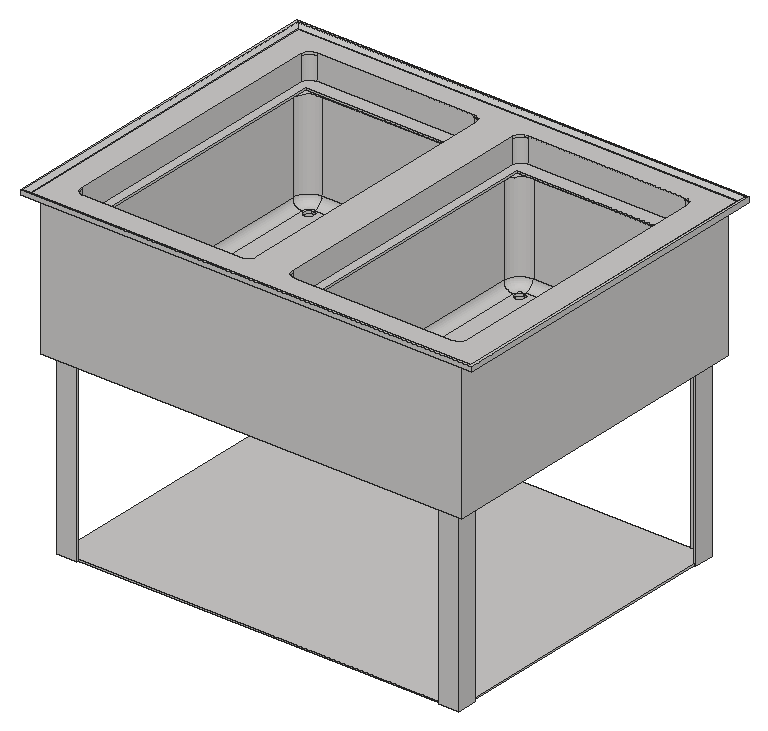
Revit family "QF_Vollrath_FC-HCF-02120", category Specialty Equipment, Revit 2021
Family settings
  Round Connector Dimension = Use Diameter
  Part Type = Normal
  OmniClass Number = 23.40.40.00
  OmniClass Title = Food Service Equipment and Furnishings
  Work Plane-Based = Yes
  Always vertical = Yes
  Cut with Voids When Loaded = Yes
  Shared = No
  Room Calculation Point = No
Parameters (values of type "FC-6HC-02120 (120/60/1)")
  Width = 33.908"  # constant formula
  Weight in Pounds = 185
  Watts = 1250 W
  Watermarked By = ""
  Waste Water Discharge Temperature [instance] = -459.67 °F
  Volts = 120 V
  URL Cutsheet = ""
  URL = "www.vollrath.com"
  Status [instance] = ""
  Specification by User [instance] = ""
  Specification by Manufacturer [instance] = ""
  Serial Number [instance] = ""
  Revision Code [instance] = ""
  Plumbing Remarks [instance] = ""
  Plumbing Connection Type = ""
  Phase = 1
  Number of Poles [instance] = 1
  NAFEM Spec ID Number [instance] = ""
  Model = "FC-6HC-02120"
  Masterspec [instance] = ""
  Manufacturer = "Vollrath"  # constant formula
  KCLRef = ""
  KCL SpecSheet URL = "http://kcl5.kclcad.com/imagehandler.ashx?kdoc=mfr_spc_drop-inhotcold2well_l36180_en_2019-02-25&R=VC&M=FC-6HC-02120%20&VC=7&TID=KCLWeb&T=doc"
  Item Number [instance] = "-"
  Installed By [instance] = ""
  Indirect Waste Size OD = Indirect Waste Size + 1/8"  # 7/8"
  Indirect Waste Size = 3/4"
  Indirect Waste Flow [instance] = 0 GPM
  Indirect Waste Connection Type [instance] = ""
  Indirect Waste Connection Height = 0.000"
  HP = "1/5"
  Furnished By [instance] = ""
  Foodservice Equipment Identifier = yes
  FL Amps = 10.3 A
  Electrical Remarks [instance] = ""
  Electric Connection Type = "0"
  Elec Conn RI Height [instance] = 0.000"
  Elec Conn Connection Height [instance] = -24.000"
  Description = "Drop-In, Hot/Cold"
  Depth = 26.000"  # constant formula
  Default Elevation = 0.000"
  Cycle = 60 Hz
  Cutout Width = 33.063"  # constant formula
  Cutout Depth = 25.250"  # constant formula
  Conn Plug = "NEMA 5-15P"
  Conn Conduit = yes
  CSI MasterFormat = "11 46 16"
  Assembly Code = "E1090320"
  Apparent Power = Volts * FL Amps  # 1236 VA
Reference planes (in)
  plane 1 "BACK": y = 9.92068
  plane 2: z = 0
  plane 3 "LEFT": x = -16.56573
  plane 4 "RIGHT": x = 17.34227
  plane 5 "FRONT": y = -16.07932
  plane 6 "BOTTOM": z = -24
  plane 7 "Cutout Left": x = -16.14323
  plane 8 "Cutout Right": x = 16.91977
  plane 9 "Center LR": x = 0.38827
  plane 10 "Center FB": y = -3.07932
  plane 11 "Cutout Back": y = 9.54568
  plane 12 "Cutout Front": y = -15.70432
  plane 13 "TOP": z = 0.375
  plane 14 "Outer Bottom": z = -10.5
  plane 15 "DI Top": z = 0.125
  plane 16 "Inner Well Top": z = -1.875
  plane 17 "Well Bottom": z = -9.375
  plane 18 "Outer Back": y = 9.44968
  plane 19 "Outer Front": y = -15.60832
  plane 20 "Compressor Back": y = 8.82693
  plane 21 "Compressor Front": y = -14.98557
  plane 22 "Outer Left": x = -15.43673
  plane 23 "Outer Right": x = 16.21327
  plane 24 "Compressor Left": x = -14.70548
  plane 25 "Compressor Right": x = 15.48202
  plane 26 "One Well Left": x = -14.12823
  plane 27 "One Well Right": x = -0.95423
  plane 28 "Well Back": y = 7.88268
  plane 29 "Well Front": y = -14.04132
  plane 30 "Well Inner Front": y = -12.29132
  plane 31 "Well Inner Back": y = 6.13268
  plane 32 "One Well Inner Left": x = -12.75323
  plane 33 "One Well Inner Right": x = -2.32923
  plane 34 "Drain Bottom": z = -14.5
  plane 35 "Two Well Left": x = 1.73077
  plane 36 "Two Well Right": x = 14.90477
  plane 37 "Two Well Inner Left": x = 3.10577
  plane 38 "Two Well Inner Right": x = 13.52977
Forms (in)
  Extrusion 1, void
    sketch origin (0, 0, -24) x (0, 1, 0) y (-1, 0, 0)
      loop
        arc (9.54568, 15.26823) -> (9.2894, 15.88694) -> (8.67068, 16.14323) r 0.875
        line (8.67068, 16.14323) -> (-14.82932, 16.14323)
        arc (-14.82932, 16.14323) -> (-15.44804, 15.88694) -> (-15.70432, 15.26823) r 0.875
        line (-15.70432, 15.26823) -> (-15.70432, -16.04477)
        arc (-15.70432, -16.04477) -> (-15.44804, -16.66349) -> (-14.82932, -16.91977) r 0.875
        line (-14.82932, -16.91977) -> (8.67068, -16.91977)
        arc (8.67068, -16.91977) -> (9.2894, -16.66349) -> (9.54568, -16.04477) r 0.875
        line (9.54568, -16.04477) -> (9.54568, 15.26823)
    from 0 to 24
  Sweep 2, solid, material "QF_Stainless-Polished"
    path origin (0, 0, 0) x (1, 0, 0) y (0, 1, 0)
      loop
        line (-16.56573, 9.92068) -> (-16.56573, -16.07932) -> (17.34227, -16.07932) -> (17.34227, 9.92068) -> (-16.56573, 9.92068)
    profile origin (0.38827, 9.92068, 0) x (0, 1, 0) y (0, 0, 1)
      loop
        line (0, 0) -> (0, 0.375) -> (-0.125, 0.375) -> (-0.4375, 0.125) -> (-0.4375, 0) -> (0, 0)
  Extrusion 3, solid, material "QF_Stainless-Polished"
    sketch origin (0, 0, 0) x (1, 0, 0) y (0, 1, 0)
      loop
        line (-16.12823, -15.64182) -> (16.90477, -15.64182) -> (16.90477, 9.48318) -> (-16.12823, 9.48318) -> (-16.12823, -15.64182)
      loop
        arc (-13.44023, 7.88268) -> (-13.92671, 7.68117) -> (-14.12823, 7.19468) r 0.688
        line (-14.12823, 7.19468) -> (-14.12823, -13.35332)
        arc (-14.12823, -13.35332) -> (-13.92671, -13.83981) -> (-13.44023, -14.04132) r 0.688
        line (-13.44023, -14.04132) -> (-1.64223, -14.04132)
        arc (-1.64223, -14.04132) -> (-1.15574, -13.83981) -> (-0.95423, -13.35332) r 0.688
        line (-0.95423, -13.35332) -> (-0.95423, 7.19468)
        arc (-0.95423, 7.19468) -> (-1.15574, 7.68117) -> (-1.64223, 7.88268) r 0.688
        line (-1.64223, 7.88268) -> (-13.44023, 7.88268)
      loop
        arc (2.41877, 7.88268) -> (1.93229, 7.68117) -> (1.73077, 7.19468) r 0.688
        line (1.73077, 7.19468) -> (1.73077, -13.35332)
        arc (1.73077, -13.35332) -> (1.93229, -13.83981) -> (2.41877, -14.04132) r 0.688
        line (2.41877, -14.04132) -> (14.21677, -14.04132)
        arc (14.21677, -14.04132) -> (14.70326, -13.83981) -> (14.90477, -13.35332) r 0.688
        line (14.90477, -13.35332) -> (14.90477, 7.19468)
        arc (14.90477, 7.19468) -> (14.70326, 7.68117) -> (14.21677, 7.88268) r 0.688
        line (14.21677, 7.88268) -> (2.41877, 7.88268)
    from 0 to 0.125
  Extrusion 4, solid, material "QF_Stainless-Polished"
    sketch origin (0, 0, -1.875) x (0, 1, 0) y (-1, 0, 0)
      loop
        arc (7.88268, 13.44023) -> (7.68117, 13.92671) -> (7.19468, 14.12823) r 0.688
        line (7.19468, 14.12823) -> (-13.35332, 14.12823)
        arc (-13.35332, 14.12823) -> (-13.83981, 13.92671) -> (-14.04132, 13.44023) r 0.688
        line (-14.04132, 13.44023) -> (-14.04132, 1.64223)
        arc (-14.04132, 1.64223) -> (-13.83981, 1.15574) -> (-13.35332, 0.95423) r 0.688
        line (-13.35332, 0.95423) -> (7.19468, 0.95423)
        arc (7.19468, 0.95423) -> (7.68117, 1.15574) -> (7.88268, 1.64223) r 0.688
        line (7.88268, 1.64223) -> (7.88268, 13.44023)
      loop
        arc (8.00768, 13.44023) -> (7.76956, 14.0151) -> (7.19468, 14.25323) r 0.813
        line (7.19468, 14.25323) -> (-13.35332, 14.25323)
        arc (-13.35332, 14.25323) -> (-13.9282, 14.0151) -> (-14.16632, 13.44023) r 0.813
        line (-14.16632, 13.44023) -> (-14.16632, 1.64223)
        arc (-14.16632, 1.64223) -> (-13.9282, 1.06735) -> (-13.35332, 0.82923) r 0.813
        line (-13.35332, 0.82923) -> (7.19468, 0.82923)
        arc (7.19468, 0.82923) -> (7.76956, 1.06735) -> (8.00768, 1.64223) r 0.813
        line (8.00768, 1.64223) -> (8.00768, 13.44023)
    from 0 to 1.875
  Extrusion 5, solid, material "QF_Stainless-Polished"
    sketch origin (0, 0, -1.875) x (0, 1, 0) y (-1, 0, 0)
      loop
        arc (7.88268, 13.44023) -> (7.68117, 13.92671) -> (7.19468, 14.12823) r 0.688
        line (7.19468, 14.12823) -> (-13.35332, 14.12823)
        arc (-13.35332, 14.12823) -> (-13.83981, 13.92671) -> (-14.04132, 13.44023) r 0.688
        line (-14.04132, 13.44023) -> (-14.04132, 1.64223)
        arc (-14.04132, 1.64223) -> (-13.83981, 1.15574) -> (-13.35332, 0.95423) r 0.688
        line (-13.35332, 0.95423) -> (7.19468, 0.95423)
        arc (7.19468, 0.95423) -> (7.68117, 1.15574) -> (7.88268, 1.64223) r 0.688
        line (7.88268, 1.64223) -> (7.88268, 13.44023)
      loop
        line (6.81968, 13.44023) -> (-12.97832, 13.44023) -> (-12.97832, 1.64223) -> (6.81968, 1.64223) -> (6.81968, 13.44023)
    from 0 to 0.125
  Sweep 6, solid, material "QF_Stainless-Polished"
    path origin (0, 0, -1.875) x (0, 1, 0) y (-1, 0, 0)
      loop
        arc (6.81968, 12.19023) -> (6.45357, 13.07411) -> (5.56968, 13.44023) r 1.25
        line (5.56968, 13.44023) -> (-11.72832, 13.44023)
        arc (-11.72832, 13.44023) -> (-12.6122, 13.07411) -> (-12.97832, 12.19023) r 1.25
        line (-12.97832, 12.19023) -> (-12.97832, 2.89223)
        arc (-12.97832, 2.89223) -> (-12.6122, 2.00834) -> (-11.72832, 1.64223) r 1.25
        line (-11.72832, 1.64223) -> (5.56968, 1.64223)
        arc (5.56968, 1.64223) -> (6.45357, 2.00834) -> (6.81968, 2.89223) r 1.25
        line (6.81968, 2.89223) -> (6.81968, 12.19023)
    profile origin (-7.54123, 6.81968, -1.875) x (0, 1, 0) y (0, 0, 1)
      loop
        line (0, 0) -> (0, -6.688)
        arc (0, -6.688) -> (-0.20122, -7.17378) -> (-0.687, -7.375) r 0.687
        line (-0.687, -7.375) -> (-0.687, -7.5)
        arc (-0.687, -7.5) -> (-0.11283, -7.26217) -> (0.125, -6.688) r 0.812
        line (0.125, -6.688) -> (0.125, 0) -> (0, 0)
  Extrusion 7, solid, material "QF_Stainless-Polished"
    sketch origin (0, 0, -1.875) x (0, 1, 0) y (-1, 0, 0)
      loop
        arc (5.56968, 13.56523) -> (6.54195, 13.1625) -> (6.94468, 12.19023) r 1.375
        line (6.94468, 12.19023) -> (6.94468, 13.56523) -> (5.56968, 13.56523)
      loop
        arc (6.94468, 2.89223) -> (6.54195, 1.91995) -> (5.56968, 1.51723) r 1.375
        line (5.56968, 1.51723) -> (6.94468, 1.51723) -> (6.94468, 2.89223)
      loop
        arc (-13.10332, 12.19023) -> (-12.70059, 13.1625) -> (-11.72832, 13.56523) r 1.375
        line (-11.72832, 13.56523) -> (-13.10332, 13.56523) -> (-13.10332, 12.19023)
      loop
        arc (-11.72832, 1.51723) -> (-12.70059, 1.91995) -> (-13.10332, 2.89223) r 1.375
        line (-13.10332, 2.89223) -> (-13.10332, 1.51723) -> (-11.72832, 1.51723)
    from 0 to -0.125
  Extrusion 8, solid, material "QF_Stainless-Polished"
    sketch origin (0, 0, -9.375) x (0, 1, 0) y (-1, 0, 0)
      loop
        arc (6.13268, 12.19023) -> (5.96778, 12.58833) -> (5.56968, 12.75323) r 0.563
        line (5.56968, 12.75323) -> (-11.72832, 12.75323)
        arc (-11.72832, 12.75323) -> (-12.12642, 12.58833) -> (-12.29132, 12.19023) r 0.563
        line (-12.29132, 12.19023) -> (-12.29132, 2.89223)
        arc (-12.29132, 2.89223) -> (-12.12642, 2.49412) -> (-11.72832, 2.32923) r 0.563
        line (-11.72832, 2.32923) -> (5.56968, 2.32923)
        arc (5.56968, 2.32923) -> (5.96778, 2.49412) -> (6.13268, 2.89223) r 0.563
        line (6.13268, 2.89223) -> (6.13268, 12.19023)
      loop
        circle (5.56968, 12.19023) r 0.375
    from 0 to 0.125
  Extrusion 9, solid, material "QF_Stainless-Polished"
    sketch origin (0, 0, -10.5) x (0, 1, 0) y (-1, 0, 0)
      loop
        line (9.44968, 15.43673) -> (-15.60832, 15.43673) -> (-15.60832, -16.21327) -> (9.44968, -16.21327) -> (9.44968, 15.43673)
      loop
        line (-15.48332, 15.31173) -> (-15.48332, -16.08827) -> (9.32468, -16.08827) -> (9.32468, 15.31173) -> (-15.48332, 15.31173)
    from 0 to 10.5
  Extrusion 10, solid, material "QF_Stainless-Polished"
    sketch origin (0, 0, -10.5) x (0, 1, 0) y (-1, 0, 0)
      loop
        line (-15.48332, 15.31173) -> (-15.48332, -16.08827) -> (9.32468, -16.08827) -> (9.32468, 15.31173) -> (-15.48332, 15.31173)
      loop
        circle (5.56968, 12.19023) r 0.4375
      loop
        circle (5.56968, -3.66877) r 0.4375
    from 0 to 0.125
  Extrusion 11, solid, material "QF_Stainless-Polished"
    sketch origin (0, 0, -24) x (0, 1, 0) y (-1, 0, 0)
      loop
        line (8.82693, 14.70548) -> (7.32693, 14.70548) -> (7.32693, 14.58048) -> (8.70193, 14.58048) -> (8.70193, 13.20548) -> (8.82693, 13.20548) -> (8.82693, 14.70548)
      loop
        line (8.82693, -15.48202) -> (8.82693, -13.98202) -> (8.70193, -13.98202) -> (8.70193, -15.35702) -> (7.32693, -15.35702) -> (7.32693, -15.48202) -> (8.82693, -15.48202)
      loop
        line (-14.98557, 14.70548) -> (-14.98557, 13.20548) -> (-14.86057, 13.20548) -> (-14.86057, 14.58048) -> (-13.48557, 14.58048) -> (-13.48557, 14.70548) -> (-14.98557, 14.70548)
      loop
        line (-14.98557, -15.48202) -> (-13.48557, -15.48202) -> (-13.48557, -15.35702) -> (-14.86057, -15.35702) -> (-14.86057, -13.98202) -> (-14.98557, -13.98202) -> (-14.98557, -15.48202)
    from 0 to 13.5
  Extrusion 12, solid, material "QF_Stainless-Polished"
    sketch origin (0, 0, -24) x (0, 1, 0) y (-1, 0, 0)
      loop
        line (8.70193, 14.58048) -> (-14.86057, 14.58048) -> (-14.86057, -15.35702) -> (8.70193, -15.35702) -> (8.70193, 14.58048)
    from 0 to 0.125
  Extrusion 13, solid, material "QF_Stainless-Polished"
    sketch origin (0, 0, -14.5) x (0, 1, 0) y (-1, 0, 0)
      loop
        circle (5.56968, 12.19023) r 0.375
      loop
        circle (5.56968, 12.19023) r 0.4375
    from 0 to 5.125
  Extrusion 14, solid, material "QF_Stainless-Polished"
    sketch origin (15.859, 0, -1.875) x (0, 1, 0) y (-1, 0, 0)
      loop
        arc (7.88268, 13.44023) -> (7.68117, 13.92671) -> (7.19468, 14.12823) r 0.688
        line (7.19468, 14.12823) -> (-13.35332, 14.12823)
        arc (-13.35332, 14.12823) -> (-13.83981, 13.92671) -> (-14.04132, 13.44023) r 0.688
        line (-14.04132, 13.44023) -> (-14.04132, 1.64223)
        arc (-14.04132, 1.64223) -> (-13.83981, 1.15574) -> (-13.35332, 0.95423) r 0.688
        line (-13.35332, 0.95423) -> (7.19468, 0.95423)
        arc (7.19468, 0.95423) -> (7.68117, 1.15574) -> (7.88268, 1.64223) r 0.688
        line (7.88268, 1.64223) -> (7.88268, 13.44023)
      loop
        arc (8.00768, 13.44023) -> (7.76956, 14.0151) -> (7.19468, 14.25323) r 0.813
        line (7.19468, 14.25323) -> (-13.35332, 14.25323)
        arc (-13.35332, 14.25323) -> (-13.9282, 14.0151) -> (-14.16632, 13.44023) r 0.813
        line (-14.16632, 13.44023) -> (-14.16632, 1.64223)
        arc (-14.16632, 1.64223) -> (-13.9282, 1.06735) -> (-13.35332, 0.82923) r 0.813
        line (-13.35332, 0.82923) -> (7.19468, 0.82923)
        arc (7.19468, 0.82923) -> (7.76956, 1.06735) -> (8.00768, 1.64223) r 0.813
        line (8.00768, 1.64223) -> (8.00768, 13.44023)
    from 0 to 1.875
  Extrusion 15, solid, material "QF_Stainless-Polished"
    sketch origin (15.859, 0, -1.875) x (0, 1, 0) y (-1, 0, 0)
      loop
        arc (7.88268, 13.44023) -> (7.68117, 13.92671) -> (7.19468, 14.12823) r 0.688
        line (7.19468, 14.12823) -> (-13.35332, 14.12823)
        arc (-13.35332, 14.12823) -> (-13.83981, 13.92671) -> (-14.04132, 13.44023) r 0.688
        line (-14.04132, 13.44023) -> (-14.04132, 1.64223)
        arc (-14.04132, 1.64223) -> (-13.83981, 1.15574) -> (-13.35332, 0.95423) r 0.688
        line (-13.35332, 0.95423) -> (7.19468, 0.95423)
        arc (7.19468, 0.95423) -> (7.68117, 1.15574) -> (7.88268, 1.64223) r 0.688
        line (7.88268, 1.64223) -> (7.88268, 13.44023)
      loop
        line (6.81968, 13.44023) -> (-12.97832, 13.44023) -> (-12.97832, 1.64223) -> (6.81968, 1.64223) -> (6.81968, 13.44023)
    from 0 to 0.125
  Sweep 16, solid, material "QF_Stainless-Polished"
    path origin (15.859, 0, -1.875) x (0, 1, 0) y (-1, 0, 0)
      loop
        arc (6.81968, 12.19023) -> (6.45357, 13.07411) -> (5.56968, 13.44023) r 1.25
        line (5.56968, 13.44023) -> (-11.72832, 13.44023)
        arc (-11.72832, 13.44023) -> (-12.6122, 13.07411) -> (-12.97832, 12.19023) r 1.25
        line (-12.97832, 12.19023) -> (-12.97832, 2.89223)
        arc (-12.97832, 2.89223) -> (-12.6122, 2.00834) -> (-11.72832, 1.64223) r 1.25
        line (-11.72832, 1.64223) -> (5.56968, 1.64223)
        arc (5.56968, 1.64223) -> (6.45357, 2.00834) -> (6.81968, 2.89223) r 1.25
        line (6.81968, 2.89223) -> (6.81968, 12.19023)
    profile origin (8.31777, 6.81968, -1.875) x (0, 1, 0) y (0, 0, 1)
      loop
        line (0, 0) -> (0, -6.688)
        arc (0, -6.688) -> (-0.20122, -7.17378) -> (-0.687, -7.375) r 0.687
        line (-0.687, -7.375) -> (-0.687, -7.5)
        arc (-0.687, -7.5) -> (-0.11283, -7.26217) -> (0.125, -6.688) r 0.812
        line (0.125, -6.688) -> (0.125, 0) -> (0, 0)
  Extrusion 17, solid, material "QF_Stainless-Polished"
    sketch origin (15.859, 0, -1.875) x (0, 1, 0) y (-1, 0, 0)
      loop
        arc (5.56968, 13.56523) -> (6.54195, 13.1625) -> (6.94468, 12.19023) r 1.375
        line (6.94468, 12.19023) -> (6.94468, 13.56523) -> (5.56968, 13.56523)
      loop
        arc (6.94468, 2.89223) -> (6.54195, 1.91995) -> (5.56968, 1.51723) r 1.375
        line (5.56968, 1.51723) -> (6.94468, 1.51723) -> (6.94468, 2.89223)
      loop
        arc (-13.10332, 12.19023) -> (-12.70059, 13.1625) -> (-11.72832, 13.56523) r 1.375
        line (-11.72832, 13.56523) -> (-13.10332, 13.56523) -> (-13.10332, 12.19023)
      loop
        arc (-11.72832, 1.51723) -> (-12.70059, 1.91995) -> (-13.10332, 2.89223) r 1.375
        line (-13.10332, 2.89223) -> (-13.10332, 1.51723) -> (-11.72832, 1.51723)
    from 0 to -0.125
  Extrusion 18, solid, material "QF_Stainless-Polished"
    sketch origin (15.859, 0, -9.375) x (0, 1, 0) y (-1, 0, 0)
      loop
        arc (6.13268, 12.19023) -> (5.96778, 12.58833) -> (5.56968, 12.75323) r 0.563
        line (5.56968, 12.75323) -> (-11.72832, 12.75323)
        arc (-11.72832, 12.75323) -> (-12.12642, 12.58833) -> (-12.29132, 12.19023) r 0.563
        line (-12.29132, 12.19023) -> (-12.29132, 2.89223)
        arc (-12.29132, 2.89223) -> (-12.12642, 2.49412) -> (-11.72832, 2.32923) r 0.563
        line (-11.72832, 2.32923) -> (5.56968, 2.32923)
        arc (5.56968, 2.32923) -> (5.96778, 2.49412) -> (6.13268, 2.89223) r 0.563
        line (6.13268, 2.89223) -> (6.13268, 12.19023)
      loop
        circle (5.56968, 12.19023) r 0.375
    from 0 to 0.125
  Extrusion 19, solid, material "QF_Stainless-Polished"
    sketch origin (15.859, 0, -14.5) x (0, 1, 0) y (-1, 0, 0)
      loop
        circle (5.56968, 12.19023) r 0.375
      loop
        circle (5.56968, 12.19023) r 0.4375
    from 0 to 5.125
Cuts and joins
  joined: Sweep 6, Extrusion 7, Extrusion 8
  joined: Sweep 16, Extrusion 17, Extrusion 18
  joined: Extrusion 3, Extrusion 4, Extrusion 5, Extrusion 14, Extrusion 15
Lines and regions (in)
  symbolic lines, style "QF_Details_Cutout"
    curve 1: line (-15.26823, 9.54568, -24) -> (16.04477, 9.54568, -24)
    curve 2: line (-16.14323, -14.89782, -24) -> (-16.14323, 8.67068, -24)
    curve 3: line (16.11327, -15.70432, -24) -> (-15.33673, -15.70432, -24)
    curve 4: line (16.91977, 8.67068, -24) -> (16.91977, -14.89782, -24)
    curve 5: arc (-16.14323, -14.89782, -24) -> (-15.90701, -15.4681, -24) -> (-15.33673, -15.70432, -24) r 0.8065
    curve 6: arc (-15.26823, 9.54568, -24) -> (-15.88694, 9.2894, -24) -> (-16.14323, 8.67068, -24) r 0.875
    curve 7: arc (16.04477, 9.54568, -24) -> (16.66349, 9.2894, -24) -> (16.91977, 8.67068, -24) r 0.875
    curve 8: arc (16.91977, -14.89782, -24) -> (16.68356, -15.4681, -24) -> (16.11327, -15.70432, -24) r 0.8065
  symbolic lines
    curve 9: line (-16.56573, 9.92068, -24) -> (17.34227, 9.92068, -24)
    curve 10: line (-16.56573, -16.07932, -24) -> (-16.56573, 9.92068, -24)
    curve 11: line (17.34227, -16.07932, -24) -> (-16.56573, -16.07932, -24)
    curve 12: line (17.34227, 9.92068, -24) -> (17.34227, -16.07932, -24)
    curve 13: line (-16.12823, 9.48318, -24) -> (-16.12823, -15.64182, -24)
    curve 14: line (16.90477, 9.48318, -24) -> (-16.12823, 9.48318, -24)
    curve 15: line (16.90477, -15.64182, -24) -> (16.90477, 9.48318, -24)
    curve 16: line (-16.12823, -15.64182, -24) -> (16.90477, -15.64182, -24)
    curve 17: line (16.90477, -15.64182, -24) -> (17.34227, -16.07932, -24)
    curve 18: line (16.90477, 9.48318, -24) -> (17.34227, 9.92068, -24)
    curve 19: line (-16.12823, 9.48318, -24) -> (-16.56573, 9.92068, -24)
    curve 20: line (-16.12823, -15.64182, -24) -> (-16.56573, -16.07932, -24)
    curve 21: line (-13.44023, 7.88268, -24) -> (-1.64223, 7.88268, -24)
    curve 22: line (-14.12823, -13.35332, -24) -> (-14.12823, 7.19468, -24)
    curve 23: line (-1.64223, -14.04132, -24) -> (-13.44023, -14.04132, -24)
    curve 24: line (-0.95423, 7.19468, -24) -> (-0.95423, -13.35332, -24)
    curve 25: line (-12.19023, 6.13268, -24) -> (-2.89223, 6.13268, -24)
    curve 26: line (-12.75323, -11.72832, -24) -> (-12.75323, 5.56968, -24)
    curve 27: line (-2.89223, -12.29132, -24) -> (-12.19023, -12.29132, -24)
    curve 28: line (-2.32923, 5.56968, -24) -> (-2.32923, -11.72832, -24)
    curve 29: line (-13.44023, 6.81968, -24) -> (-1.64223, 6.81968, -24)
    curve 30: line (-13.44023, -12.97832, -24) -> (-13.44023, 6.81968, -24)
    curve 31: line (-1.64223, -12.97832, -24) -> (-13.44023, -12.97832, -24)
    curve 32: line (-1.64223, 6.81968, -24) -> (-1.64223, -12.97832, -24)
    curve 33: arc (-12.19023, 5.94468, -24) -> (-11.81523, 5.56968, -24) -> (-12.19023, 5.19468, -24) r 0.375
    curve 34: arc (-12.19023, 5.19468, -24) -> (-12.56523, 5.56968, -24) -> (-12.19023, 5.94468, -24) r 0.375
    curve 35: arc (-13.44023, 5.56968, -24) -> (-13.07411, 6.45357, -24) -> (-12.19023, 6.81968, -24) r 1.25
    curve 36: arc (-2.89223, 6.81968, -24) -> (-2.00834, 6.45357, -24) -> (-1.64223, 5.56968, -24) r 1.25
    curve 37: arc (-12.19023, -12.97832, -24) -> (-13.07411, -12.6122, -24) -> (-13.44023, -11.72832, -24) r 1.25
    curve 38: arc (-1.64223, -11.72832, -24) -> (-2.00834, -12.6122, -24) -> (-2.89223, -12.97832, -24) r 1.25
    curve 39: arc (-12.75323, -11.72832, -24) -> (-12.58833, -12.12642, -24) -> (-12.19023, -12.29132, -24) r 0.563
    curve 40: arc (-2.89223, -12.29132, -24) -> (-2.49412, -12.12642, -24) -> (-2.32923, -11.72832, -24) r 0.563
    curve 41: arc (-2.32923, 5.56968, -24) -> (-2.49412, 5.96778, -24) -> (-2.89223, 6.13268, -24) r 0.563
    curve 42: arc (-12.19023, 6.13268, -24) -> (-12.58833, 5.96778, -24) -> (-12.75323, 5.56968, -24) r 0.563
    curve 43: arc (-13.44023, 7.88268, -24) -> (-13.92671, 7.68117, -24) -> (-14.12823, 7.19468, -24) r 0.688
    curve 44: arc (-1.64223, 7.88268, -24) -> (-1.15574, 7.68117, -24) -> (-0.95423, 7.19468, -24) r 0.688
    curve 45: arc (-14.12823, -13.35332, -24) -> (-13.92671, -13.83981, -24) -> (-13.44023, -14.04132, -24) r 0.688
    curve 46: arc (-1.64223, -14.04132, -24) -> (-1.15574, -13.83981, -24) -> (-0.95423, -13.35332, -24) r 0.688
    curve 47: arc (1.73077, 7.19468, -14.5) -> (1.93229, 7.68117, -14.5) -> (2.41877, 7.88268, -14.5) r 0.688
    curve 48: line (2.41877, 7.88268, -14.5) -> (14.21677, 7.88268, -14.5)
    curve 49: arc (14.21677, 7.88268, -14.5) -> (14.70326, 7.68117, -14.5) -> (14.90477, 7.19468, -14.5) r 0.688
    curve 50: line (14.90477, 7.19468, -14.5) -> (14.90477, -13.35332, -14.5)
    curve 51: line (1.73077, -13.35332, -14.5) -> (1.73077, 7.19468, -14.5)
    curve 52: line (2.41877, -12.97832, -14.5) -> (2.41877, 6.81968, -14.5)
    curve 53: line (2.41877, 6.81968, -14.5) -> (14.21677, 6.81968, -14.5)
    curve 54: arc (2.41877, 5.56968, -14.5) -> (2.78489, 6.45357, -14.5) -> (3.66877, 6.81968, -14.5) r 1.25
    curve 55: arc (3.66877, 5.19468, -14.5) -> (3.29377, 5.56968, -14.5) -> (3.66877, 5.94468, -14.5) r 0.375
    curve 56: arc (3.66877, 5.94468, -14.5) -> (4.04377, 5.56968, -14.5) -> (3.66877, 5.19468, -14.5) r 0.375
    curve 57: arc (12.96677, 6.81968, -14.5) -> (13.85066, 6.45357, -14.5) -> (14.21677, 5.56968, -14.5) r 1.25
    curve 58: line (14.21677, 6.81968, -14.5) -> (14.21677, -12.97832, -14.5)
    curve 59: arc (3.66877, -12.97832, -14.5) -> (2.78489, -12.6122, -14.5) -> (2.41877, -11.72832, -14.5) r 1.25
    curve 60: line (14.21677, -12.97832, -14.5) -> (2.41877, -12.97832, -14.5)
    curve 61: arc (2.41877, -14.04132, -14.5) -> (1.93229, -13.83981, -14.5) -> (1.73077, -13.35332, -14.5) r 0.688
    curve 62: line (14.21677, -14.04132, -14.5) -> (2.41877, -14.04132, -14.5)
    curve 63: arc (14.21677, -11.72832, -14.5) -> (13.85066, -12.6122, -14.5) -> (12.96677, -12.97832, -14.5) r 1.25
    curve 64: arc (14.90477, -13.35332, -14.5) -> (14.70326, -13.83981, -14.5) -> (14.21677, -14.04132, -14.5) r 0.688
    curve 65: line (3.66877, 6.13268, -24) -> (12.96677, 6.13268, -24)
    curve 66: line (3.10577, -11.72832, -24) -> (3.10577, 5.56968, -24)
    curve 67: line (12.96677, -12.29132, -24) -> (3.66877, -12.29132, -24)
    curve 68: line (13.52977, 5.56968, -24) -> (13.52977, -11.72832, -24)
    curve 69: arc (3.10577, -11.72832, -24) -> (3.27067, -12.12642, -24) -> (3.66877, -12.29132, -24) r 0.563
    curve 70: arc (12.96677, -12.29132, -24) -> (13.36488, -12.12642, -24) -> (13.52977, -11.72832, -24) r 0.563
    curve 71: arc (13.52977, 5.56968, -24) -> (13.36488, 5.96778, -24) -> (12.96677, 6.13268, -24) r 0.563
    curve 72: arc (3.66877, 6.13268, -24) -> (3.27067, 5.96778, -24) -> (3.10577, 5.56968, -24) r 0.563
Dimensions and locks (in)
  "Width": plane 4 "RIGHT" to plane 3 "LEFT"
  "Depth": plane 5 "FRONT" to plane 1 "BACK"
  equal spacing: plane 3 "LEFT", plane 9 "Center LR", plane 4 "RIGHT"
  "Cutout Width": plane 7 "Cutout Left" to plane 8 "Cutout Right"
  equal spacing: plane 7 "Cutout Left", plane 9 "Center LR", plane 8 "Cutout Right"
  equal spacing: plane 5 "FRONT", plane 10 "Center FB", plane 1 "BACK"
  "Cutout Depth": plane 12 "Cutout Front" to plane 11 "Cutout Back"
  equal spacing: plane 12 "Cutout Front", plane 10 "Center FB", plane 11 "Cutout Back"
  locked: plane 6 "BOTTOM" to plane 2 at 24
  locked: plane 13 "TOP" to level at 0.375
  locked: level to plane 14 "Outer Bottom" at 10.5
  locked: plane 13 "TOP" to plane 15 "DI Top" at 0.25
  locked: plane 15 "DI Top" to plane 16 "Inner Well Top" at 2
  locked: plane 16 "Inner Well Top" to plane 17 "Well Bottom" at 7.5
  locked: plane 3 "LEFT" to plane 22 "Outer Left" at 1.129
  locked: plane 23 "Outer Right" to plane 4 "RIGHT" at 1.129
  locked: plane 22 "Outer Left" to plane 24 "Compressor Left" at 0.73125
  locked: plane 25 "Compressor Right" to plane 23 "Outer Right" at 0.73125
  locked: plane 18 "Outer Back" to plane 11 "Cutout Back" at 0.096
  locked: plane 12 "Cutout Front" to plane 19 "Outer Front" at 0.096
  locked: plane 19 "Outer Front" to plane 21 "Compressor Front" at 0.62275
  locked: plane 20 "Compressor Back" to plane 18 "Outer Back" at 0.62275
  locked: plane 26 "One Well Left" to plane 27 "One Well Right" at 13.174
  locked: plane 29 "Well Front" to plane 28 "Well Back" at 21.924
  equal spacing: plane 29 "Well Front", plane 10 "Center FB", plane 28 "Well Back"
  locked: plane 31 "Well Inner Back" to plane 28 "Well Back" at 1.75
  locked: plane 29 "Well Front" to plane 30 "Well Inner Front" at 1.75
  locked: plane 26 "One Well Left" to plane 32 "One Well Inner Left" at 1.375
  locked: plane 33 "One Well Inner Right" to plane 27 "One Well Right" at 1.375
  plane 1 "BACK" to Sweep 2 sketch curve to Sweep 2 sketch curve = 0.125" locked, 0.3125" locked
  locked: plane 3 "LEFT" to Extrusion 3 sketch curve at 0.4375
  locked: Extrusion 3 sketch curve to plane 1 "BACK" at 0.4375
  locked: Extrusion 3 sketch curve to plane 4 "RIGHT" at 0.4375
  locked: Extrusion 3 sketch curve to plane 5 "FRONT" at 0.4375
  locked: plane 29 "Well Front" to Extrusion 4 sketch curve at 0.125
  locked: plane 28 "Well Back" to Extrusion 4 sketch curve at 0.125
  locked: Extrusion 4 sketch curve to plane 26 "One Well Left" at 0.125
  locked: plane 27 "One Well Right" to Extrusion 4 sketch curve at 0.125
  locked: plane 26 "One Well Left" to Extrusion 5 sketch curve at 0.688
  locked: Extrusion 5 sketch curve to plane 27 "One Well Right" at 0.688
  locked: Extrusion 5 sketch curve to plane 28 "Well Back" at 1.063
  locked: Extrusion 5 sketch curve to plane 29 "Well Front" at 1.063
  locked: Sweep 6 sketch curve to plane 28 "Well Back" at 1.063
  locked: plane 26 "One Well Left" to Sweep 6 sketch curve at 0.688
  locked: Sweep 6 sketch curve to plane 27 "One Well Right" at 0.688
  locked: Sweep 6 sketch curve to plane 29 "Well Front" at 1.063
  Sweep 6 sketch curve to Sweep 6 sketch curve to plane 31 "Well Inner Back" = 0.125" locked, 0.687" locked
  locked: Sweep 6 sketch curve to plane 17 "Well Bottom" at 0.125
  locked: Sweep 6 sketch curve to plane 17 "Well Bottom" at 0.812  (x2)
  locked: Extrusion 7 sketch curve to plane 31 "Well Inner Back" at 0.812
  locked: Extrusion 7 sketch curve to plane 31 "Well Inner Back" at 0.563  (x2)
  locked: Extrusion 7 sketch curve to plane 32 "One Well Inner Left" at 0.812  (x2)
  locked: plane 32 "One Well Inner Left" to Extrusion 7 sketch curve at 0.563  (x2)
  locked: Extrusion 7 sketch curve to plane 33 "One Well Inner Right" at 0.563  (x2)
  locked: plane 33 "One Well Inner Right" to Extrusion 7 sketch curve at 0.812  (x2)
  locked: plane 31 "Well Inner Back" to Extrusion 7 sketch curve at 0.812
  locked: Extrusion 7 sketch curve to plane 30 "Well Inner Front" at 0.812  (x2)
  locked: plane 30 "Well Inner Front" to Extrusion 7 sketch curve at 0.563  (x2)
  locked: plane 32 "One Well Inner Left" to Extrusion 8 sketch curve at 0.563
  locked: Extrusion 8 sketch curve to plane 31 "Well Inner Back" at 0.563
  locked: Extrusion 9 sketch curve to plane 19 "Outer Front" at 0.125
  locked: Extrusion 9 sketch curve to plane 18 "Outer Back" at 0.125
  locked: plane 22 "Outer Left" to Extrusion 9 sketch curve at 0.125
  locked: Extrusion 9 sketch curve to plane 23 "Outer Right" at 0.125
  locked: Extrusion 10 sketch curve to plane 18 "Outer Back" at 0.125
  locked: Extrusion 10 sketch curve to plane 19 "Outer Front" at 0.125
  locked: plane 22 "Outer Left" to Extrusion 10 sketch curve at 0.125
  locked: Extrusion 10 sketch curve to plane 23 "Outer Right" at 0.125
  locked: Extrusion 10 sketch curve to plane 31 "Well Inner Back" at 0.563  (x2)
  locked: plane 32 "One Well Inner Left" to Extrusion 10 sketch curve at 0.563
  plane 24 "Compressor Left" to Extrusion 11 sketch curve to Extrusion 11 sketch curve = 0.125" locked, 1.375" locked  (x2)
  Extrusion 11 sketch curve to Extrusion 11 sketch curve to plane 20 "Compressor Back" = 1.375" locked, 0.125" locked  (x2)
  Extrusion 11 sketch curve to Extrusion 11 sketch curve to plane 25 "Compressor Right" = 1.375" locked, 0.125" locked  (x2)
  plane 21 "Compressor Front" to Extrusion 11 sketch curve to Extrusion 11 sketch curve = 0.125" locked, 1.375" locked  (x2)
  locked: Extrusion 12 sketch curve to plane 21 "Compressor Front" at 0.125
  locked: Extrusion 12 sketch curve to plane 20 "Compressor Back" at 0.125
  locked: plane 24 "Compressor Left" to Extrusion 12 sketch curve at 0.125
  locked: Extrusion 12 sketch curve to plane 25 "Compressor Right" at 0.125
  locked: plane 14 "Outer Bottom" to plane 34 "Drain Bottom" at 4
  locked: plane 32 "One Well Inner Left" to Extrusion 13 sketch curve at 0.563  (x2)
  locked: Extrusion 13 sketch curve to plane 31 "Well Inner Back" at 0.563  (x2)
  locked: plane 7 "Cutout Left" to Extrusion 1 sketch curve at 0.875  (x2)
  locked: Extrusion 1 sketch curve to plane 8 "Cutout Right" at 0.875  (x2)
  locked: Extrusion 1 sketch curve to plane 11 "Cutout Back" at 0.875  (x2)
  locked: plane 12 "Cutout Front" to Extrusion 1 sketch curve at 0.875  (x2)
  locked: plane 3 "LEFT" to plane 26 "One Well Left" at 2.4375
  locked: plane 35 "Two Well Left" to plane 36 "Two Well Right" at 13.174
  locked: plane 35 "Two Well Left" to plane 37 "Two Well Inner Left" at 1.375
  locked: plane 38 "Two Well Inner Right" to plane 36 "Two Well Right" at 1.375
  locked: plane 29 "Well Front" to Extrusion 14 sketch curve at 0.125
  locked: plane 28 "Well Back" to Extrusion 14 sketch curve at 0.125
  locked: Extrusion 14 sketch curve to plane 35 "Two Well Left" at 0.125
  locked: plane 36 "Two Well Right" to Extrusion 14 sketch curve at 0.125
  locked: plane 27 "One Well Right" to plane 35 "Two Well Left" at 2.685
  locked: plane 35 "Two Well Left" to Extrusion 15 sketch curve at 0.688
  locked: Extrusion 15 sketch curve to plane 36 "Two Well Right" at 0.688
  locked: Extrusion 15 sketch curve to plane 28 "Well Back" at 1.063
  locked: Extrusion 15 sketch curve to plane 29 "Well Front" at 1.063
  locked: Sweep 16 sketch curve to Sweep 16 sketch curve at 0.125
  locked: Sweep 16 sketch curve to plane 28 "Well Back" at 1.063
  locked: plane 35 "Two Well Left" to Sweep 16 sketch curve at 0.688
  locked: Sweep 16 sketch curve to plane 36 "Two Well Right" at 0.688
  locked: Sweep 16 sketch curve to plane 29 "Well Front" at 1.063
  plane 35 "Two Well Left" to Extrusion 17 sketch curve to Extrusion 17 sketch curve = 0.563" locked, 1.375" locked  (x2)
  Extrusion 17 sketch curve to Extrusion 17 sketch curve to plane 28 "Well Back" = 1.375" locked, 0.938" locked  (x2)
  Extrusion 17 sketch curve to Extrusion 17 sketch curve to plane 36 "Two Well Right" = 1.375" locked, 0.563" locked  (x2)
  plane 29 "Well Front" to Extrusion 17 sketch curve to Extrusion 17 sketch curve = 0.938" locked, 1.375" locked  (x2)
  locked: plane 37 "Two Well Inner Left" to Extrusion 18 sketch curve at 0.563
  locked: Extrusion 18 sketch curve to plane 31 "Well Inner Back" at 0.563
  locked: plane 37 "Two Well Inner Left" to Extrusion 10 sketch curve at 0.563
  "Indirect Waste Size": diameter of Extrusion 8 sketch curve
  "Indirect Waste Size OD": diameter of Extrusion 10 sketch curve  (x2)
  "Indirect Waste Size": diameter of Extrusion 13 sketch curve
  "Indirect Waste Size OD": diameter of Extrusion 13 sketch curve
  "Indirect Waste Size": diameter of Extrusion 18 sketch curve
  "Indirect Waste Size": diameter of Extrusion 19 sketch curve
  "Indirect Waste Size OD": diameter of Extrusion 19 sketch curve
  aligned and locked: level to plane 2
  aligned and locked: plane 7 "Cutout Left" to Extrusion 1 sketch curve
  aligned and locked: plane 11 "Cutout Back" to Extrusion 1 sketch curve
  aligned and locked: Extrusion 1 sketch curve to plane 8 "Cutout Right"
  aligned and locked: Extrusion 1 sketch curve to plane 12 "Cutout Front"
  aligned and locked: level to Extrusion 1
  aligned and locked: plane 3 "LEFT" to Sweep 2 sketch curve
  aligned and locked: plane 1 "BACK" to Sweep 2 sketch curve
  aligned and locked: Sweep 2 sketch curve to plane 4 "RIGHT"
  aligned and locked: Sweep 2 sketch curve to plane 5 "FRONT"
  aligned and locked: Sweep 2 sketch curve to plane 13 "TOP"
  aligned and locked: profile plane to Sweep 2 sketch curve  (x2)
  aligned and locked: plane 15 "DI Top" to Sweep 2 sketch curve
  aligned and locked: plane 28 "Well Back" to Extrusion 3 sketch curve  (x2)
  aligned and locked: plane 26 "One Well Left" to Extrusion 3 sketch curve
  aligned and locked: Extrusion 3 sketch curve to plane 27 "One Well Right"
  aligned and locked: Extrusion 3 sketch curve to plane 29 "Well Front"  (x2)
  aligned and locked: plane 15 "DI Top" to Extrusion 3
  aligned and locked: plane 28 "Well Back" to Extrusion 4 sketch curve
  aligned and locked: plane 26 "One Well Left" to Extrusion 4 sketch curve
  aligned and locked: Extrusion 4 sketch curve to plane 29 "Well Front"
  aligned and locked: Extrusion 4 sketch curve to plane 27 "One Well Right"
  aligned and locked: plane 2 to Extrusion 4
  aligned and locked: plane 28 "Well Back" to Extrusion 5 sketch curve
  aligned and locked: plane 26 "One Well Left" to Extrusion 5 sketch curve
  aligned and locked: Extrusion 5 sketch curve to plane 29 "Well Front"
  aligned and locked: Extrusion 5 sketch curve to plane 27 "One Well Right"
  aligned and locked: Sweep 6 sketch curve to plane 16 "Inner Well Top"
  aligned and locked: Sweep 6 sketch curve to plane 31 "Well Inner Back"
  aligned and locked: plane 31 "Well Inner Back" to Extrusion 8 sketch curve
  aligned and locked: plane 32 "One Well Inner Left" to Extrusion 8 sketch curve
  aligned and locked: Extrusion 8 sketch curve to plane 30 "Well Inner Front"
  aligned and locked: Extrusion 8 sketch curve to plane 33 "One Well Inner Right"
  aligned and locked: plane 22 "Outer Left" to Extrusion 9 sketch curve
  aligned and locked: plane 18 "Outer Back" to Extrusion 9 sketch curve
  aligned and locked: Extrusion 9 sketch curve to plane 23 "Outer Right"
  aligned and locked: Extrusion 9 sketch curve to plane 19 "Outer Front"
  aligned and locked: plane 2 to Extrusion 9
  aligned and locked: plane 20 "Compressor Back" to Extrusion 11 sketch curve
  aligned and locked: Extrusion 11 sketch curve to plane 20 "Compressor Back"
  aligned and locked: Extrusion 11 sketch curve to plane 24 "Compressor Left"
  aligned and locked: Extrusion 11 sketch curve to plane 25 "Compressor Right"
  aligned and locked: plane 21 "Compressor Front" to Extrusion 11 sketch curve
  aligned and locked: plane 24 "Compressor Left" to Extrusion 11 sketch curve
  aligned and locked: plane 25 "Compressor Right" to Extrusion 11 sketch curve
  aligned and locked: Extrusion 11 sketch curve to plane 21 "Compressor Front"
  aligned and locked: plane 14 "Outer Bottom" to Extrusion 11
  aligned and locked: plane 7 "Cutout Left" to curve 2
  aligned and locked: plane 11 "Cutout Back" to curve 1
  aligned and locked: curve 4 to plane 8 "Cutout Right"
  aligned and locked: curve 3 to plane 12 "Cutout Front"
  aligned and locked: plane 1 "BACK" to curve 9
  aligned and locked: plane 3 "LEFT" to curve 10
  aligned and locked: curve 11 to plane 5 "FRONT"
  aligned and locked: curve 12 to plane 4 "RIGHT"
  aligned and locked: curve 13 to Extrusion 3
  aligned and locked: curve 14 to Extrusion 3
  aligned and locked: curve 15 to Extrusion 3
  aligned and locked: curve 16 to Extrusion 3
  aligned and locked: plane 28 "Well Back" to curve 21
  aligned and locked: plane 26 "One Well Left" to curve 22
  aligned and locked: curve 23 to plane 29 "Well Front"
  aligned and locked: curve 24 to plane 27 "One Well Right"
  aligned and locked: plane 31 "Well Inner Back" to curve 25
  aligned and locked: plane 32 "One Well Inner Left" to curve 26
  aligned and locked: curve 27 to plane 30 "Well Inner Front"
  aligned and locked: curve 28 to plane 33 "One Well Inner Right"
  aligned and locked: curve 30 to Extrusion 5
  aligned and locked: curve 36 to cut or joined group of Sweep 6, Extrusion 7, Extrusion 8
  aligned and locked: curve 37 to cut or joined group of Sweep 6, Extrusion 7, Extrusion 8
  aligned and locked: curve 38 to cut or joined group of Sweep 6, Extrusion 7, Extrusion 8
  aligned and locked: plane 35 "Two Well Left" to Extrusion 3 sketch curve
  aligned and locked: Extrusion 3 sketch curve to plane 36 "Two Well Right"
  aligned and locked: plane 28 "Well Back" to Extrusion 14 sketch curve
  aligned and locked: plane 35 "Two Well Left" to Extrusion 14 sketch curve
  aligned and locked: Extrusion 14 sketch curve to plane 36 "Two Well Right"
  aligned and locked: Extrusion 14 sketch curve to plane 29 "Well Front"
  aligned and locked: plane 28 "Well Back" to Extrusion 15 sketch curve
  aligned and locked: plane 35 "Two Well Left" to Extrusion 15 sketch curve
  aligned and locked: Extrusion 15 sketch curve to plane 36 "Two Well Right"
  aligned and locked: Extrusion 15 sketch curve to plane 29 "Well Front"
  aligned and locked: plane 37 "Two Well Inner Left" to Extrusion 18 sketch curve
  aligned and locked: Extrusion 18 sketch curve to plane 30 "Well Inner Front"
  aligned and locked: Extrusion 18 sketch curve to plane 38 "Two Well Inner Right"
  aligned and locked: plane 31 "Well Inner Back" to Extrusion 18 sketch curve
  aligned and locked: plane 17 "Well Bottom" to Extrusion 13
  aligned and locked: plane 17 "Well Bottom" to Extrusion 19
Automatic sketch dimensions
  Extrusion 3 sketch curve to plane 32 "One Well Inner Left" = 0.687"  (x2)
  plane 33 "One Well Inner Right" to Extrusion 3 sketch curve = 0.687"  (x2)
  Extrusion 3 sketch curve to plane 37 "Two Well Inner Left" = 0.687"  (x2)
  plane 38 "Two Well Inner Right" to Extrusion 3 sketch curve = 0.687"  (x2)
  Extrusion 4 sketch curve to Extrusion 4 sketch curve = 0.000"  (x8)
  Extrusion 4 sketch curve to plane 29 "Well Front" = 0.688"  (x2)
  Extrusion 4 sketch curve to plane 32 "One Well Inner Left" = 0.687"
  plane 28 "Well Back" to Extrusion 4 sketch curve = 0.688"
  Extrusion 5 sketch curve to plane 29 "Well Front" = 0.688"  (x2)
  Extrusion 5 sketch curve to Extrusion 5 sketch curve = 0.375"  (x2)
  Sweep 6 sketch curve to plane 30 "Well Inner Front" = 0.563"  (x2)
  plane 31 "Well Inner Back" to Sweep 6 sketch curve = 0.563"  (x2)
  Extrusion 7 sketch curve to plane 30 "Well Inner Front" = 0.563"
  plane 32 "One Well Inner Left" to Extrusion 7 sketch curve = 0.563"
  Extrusion 7 sketch curve to Extrusion 7 sketch curve = 0.000"
  Extrusion 14 sketch curve to Extrusion 14 sketch curve = 0.000"  (x8)
  Extrusion 14 sketch curve to plane 29 "Well Front" = 0.688"  (x2)
  Extrusion 14 sketch curve to plane 37 "Two Well Inner Left" = 0.687"
  plane 28 "Well Back" to Extrusion 14 sketch curve = 0.688"
  Extrusion 15 sketch curve to plane 29 "Well Front" = 0.688"  (x2)
  Extrusion 15 sketch curve to Extrusion 15 sketch curve = 0.375"  (x2)
  Sweep 16 sketch curve to plane 30 "Well Inner Front" = 0.563"  (x2)
  plane 31 "Well Inner Back" to Sweep 16 sketch curve = 0.563"  (x2)
  Sweep 16 sketch curve to Sweep 16 sketch curve = 0.000"  (x2)
  Sweep 16 sketch curve to plane 16 "Inner Well Top" = 0.000"
  Sweep 16 sketch curve to profile plane = 0.000"
  profile plane to Sweep 16 sketch curve = 0.687"
  Sweep 16 sketch curve to plane 16 "Inner Well Top" = 6.688"
  Extrusion 17 sketch curve to plane 30 "Well Inner Front" = 0.563"
  plane 37 "Two Well Inner Left" to Extrusion 17 sketch curve = 0.563"
  Extrusion 17 sketch curve to Extrusion 17 sketch curve = 0.000"
  curve 47 to plane 35 "Two Well Left" = 0.000"
  plane 28 "Well Back" to curve 48 = 0.000"
  curve 49 to plane 36 "Two Well Right" = 0.000"
  curve 51 to plane 29 "Well Front" = 0.688"
  curve 52 to curve 47 = 0.375"
  curve 53 to curve 47 = 0.000"
  plane 30 "Well Inner Front" to curve 52 = 0.687"
  curve 53 to curve 49 = 0.000"
  plane 31 "Well Inner Back" to curve 54 = 0.563"
  curve 54 to curve 55 = 0.000"  (x2)
  curve 56 to curve 54 = 0.375"
  plane 31 "Well Inner Back" to curve 57 = 0.563"
  curve 57 to plane 38 "Two Well Inner Right" = 0.563"
  curve 59 to plane 30 "Well Inner Front" = 0.563"
  plane 37 "Two Well Inner Left" to curve 59 = 0.563"
  plane 29 "Well Front" to curve 61 = 0.000"
  plane 38 "Two Well Inner Right" to curve 62 = 0.687"
  curve 63 to plane 30 "Well Inner Front" = 0.563"
  curve 33 to curve 34 = 0.000"  (x2)
  curve 33 to curve 35 = 0.000"  (x2)
  curve 33 to curve 42 = 0.000"  (x2)
  curve 34 to curve 35 = 0.000"  (x2)
  curve 34 to curve 42 = 0.000"  (x2)
  curve 35 to curve 42 = 0.000"  (x2)
  curve 36 to curve 41 = 0.000"
  curve 37 to curve 39 = 0.000"
  curve 38 to curve 40 = 0.000"
  plane 30 "Well Inner Front" to curve 67 = 0.000"
  curve 69 to plane 37 "Two Well Inner Left" = 0.000"
  curve 68 to plane 38 "Two Well Inner Right" = 0.000"
  plane 31 "Well Inner Back" to curve 72 = 0.000"
  curve 8 to plane 21 "Compressor Front" = 0.08775"
  curve 5 to plane 21 "Compressor Front" = 0.08775"
  curve 46 to curve 31 = 0.375"
  curve 45 to curve 30 = 0.375"
  curve 70 to curve 70 = 0.563"
  curve 69 to curve 69 = 0.563"
  plane 31 "Well Inner Back" to curve 71 = 0.563"
  plane 31 "Well Inner Back" to curve 33 = 0.563"
  plane 31 "Well Inner Back" to curve 72 = 0.563"
  plane 28 "Well Back" to curve 22 = 0.688"
  curve 29 to curve 44 = 0.375"
  plane 20 "Compressor Back" to curve 2 = 0.15625"
  plane 20 "Compressor Back" to curve 7 = 0.15625"
  curve 33 to curve 33 = 0.375"
  Extrusion 8 sketch curve to Extrusion 8 sketch curve = 0.000"
  Extrusion 8 sketch curve to Extrusion 8 sketch curve = 0.563"
  Extrusion 8 sketch curve to plane 30 "Well Inner Front" = 0.563"
  plane 31 "Well Inner Back" to Extrusion 8 sketch curve = 0.563"
  Extrusion 18 sketch curve to Extrusion 18 sketch curve = 0.000"
  Extrusion 18 sketch curve to plane 30 "Well Inner Front" = 0.563"  (x2)
  Extrusion 18 sketch curve to Extrusion 18 sketch curve = 0.563"
  Extrusion 19 sketch curve to Extrusion 19 sketch curve = 0.000"  (x2)
  plane 31 "Well Inner Back" to Extrusion 19 sketch curve = 0.563"
  plane 37 "Two Well Inner Left" to Extrusion 19 sketch curve = 0.563"
Connectors (in)
  electrical at (0.38827, -3.07932, -23.875), driven by "Number of Poles", driven by "Volts", driven by "Apparent Power"
    settings: on Extrusion 12, index 1, voltage 120 V, apparent load 1236 VA, apparent load phase1 0 VA, apparent load phase2 0 VA, apparent load phase3 0 VA, power factor 1, load classification "Other", number of poles 1, system type 30, power factor state 1, is connector primary yes, connector utility no, sub classification motor no, connector description "Electric"
  piping at (-12.19023, 5.56968, -14.5), diameter 0.75, driven by "Indirect Waste Flow", driven by "Indirect Waste Size"
    settings: on Extrusion 13, index 2, connector inside diameter 24", connector length 0.000", flow factor 0, pipe flow 0 GPM, pressure drop 0.00 psi, fitting loss kfactor 0, connector angle 0.00°, fixture units 0, engagement length 0.000", angle of deflection 0.00°, flow configuration 1, flow direction 2, fitting loss method 0, system type 16, joint type 0, gender type 0, connector reference index -1, connector utility 0, adjustable connector no, is connector primary yes, connector description "Drain"
